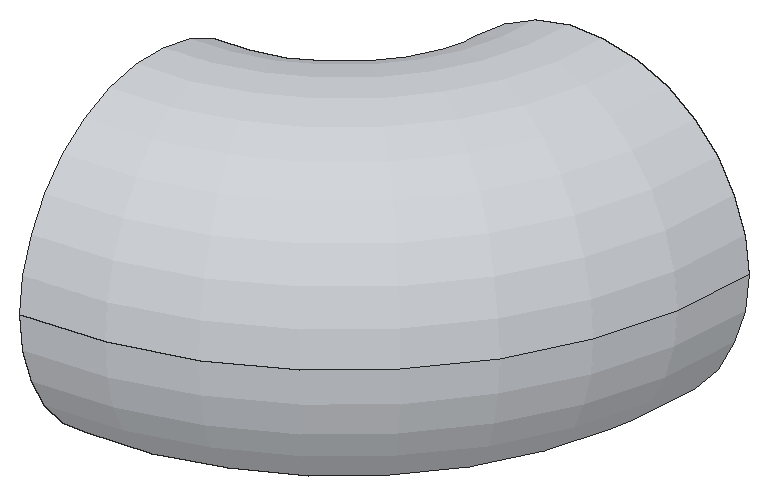
Revit family "b27f6473adb54901bc9df6208715403f", category Raccords de canalisation, Revit 2023
Family settings
  Cote de connecteur circulaire = Utiliser le rayon
  Type d'élément = Coude
  Basée sur le plan de construction = Non
  Toujours verticalement = Oui
  Couper avec des vides une fois chargée = Non
  Partagée = Non
Parameters (values of type "Standard")
  Taille de la coche [instance] = Diamètre extérieur du raccord * 0.4  # 13.36 mm
  Rayon nominal [instance] = 12.5 mm
  Diamètre nominal [instance] = Rayon nominal * 2  # 25 mm
  Méthode de perte de charge = Coefficient K à partir du tableau
  Nom de la table de consultation = "Elbow - Generic"
  Tableau de coefficient K = "Coudes 45, 90 et 180 standard"
  Rayon extérieur du raccord [instance] = Diamètre extérieur du raccord / 2  # 16.7 mm
  Diamètre extérieur du raccord [instance] = size_lookup(Nom de la table de consultation, "FOD", Diamètre nominal + 10.418 mm, Diamètre nominal)  # 33.4 mm
  Elévation par défaut = 0 mm
  Libellé de centre à extrémité [instance] = if(Centre à extrémité > (Rayon extérieur du raccord + 3.2 mm) * tan(Angle / 2), Centre à extrémité, (Rayon extérieur du raccord + 3.2 mm) * tan(Angle / 2))  # 25 mm
  Centre à extrémité [instance] = size_lookup(Nom de la table de consultation, "CtE", 1.02 * Diamètre nominal - 1.488 mm, Diamètre nominal)  # 25 mm
  Rayon du centre [instance] = if(Centre à extrémité / tan(Angle / 2) > Rayon extérieur du raccord + 3.2 mm, Centre à extrémité / tan(Angle / 2), Rayon extérieur du raccord + 3.2 mm)  # 25 mm
  Angle [instance] = 90.00°
Reference planes
  plane 1 "Centre (avant/arrière)": y = 0
  plane 2: z = 0
  plane 3 "Centre (gauche/droite)": x = 0
  plane 4: x = -25
  plane 5: y = 25
  plane 6: y = 13.36
  plane 7: y = -13.36
Forms (mm)
  Sweep 1, solid, detail levels fine
    path in 3D
      loop
        arc (-25, 0, 0) -> (-7.322, 7.322, 0) -> (0, 25, 0) r 25
    profile origin (-7.322, 7.322, 0) x (-0.707107, 0.707107, 0) y (0, 0, 1)
      loop
        circle (0, 0) r 16.7
Lines and regions (mm)
  reference lines
    curve 1: line (-25, 25, 0) -> (19.45, 25, 0)
    curve 2: arc (-25, 0, 0) -> (-7.322, 7.322, 0) -> (0, 25, 0) r 25
    curve 3: line (0, 0, 0) -> (0, 19.05, 0)
    curve 4: line (-13.36, 18.22, 0) -> (-13.36, 22.144, 0)
    curve 5: line (13.36, 15.444, 0) -> (13.36, 35.228, 0)
  model lines, detail levels coarse+medium
    curve 6: line (-13.36, 25, 0) -> (13.36, 25, 0)
    curve 7: arc (-25, 0, 0) -> (-7.322, 7.322, 0) -> (0, 25, 0) r 25
    curve 8: line (-25, 13.36, 0) -> (-25, -13.36, 0)
  sketch lines
    curve 9: arc (-25, 0, 0) -> (-7.322, 7.322, 0) -> (0, 25, 0) r 25
Dimensions and locks
  "Libellé de centre à extrémité": plane 4 to plane 3 "Centre (gauche/droite)"
  "Rayon du centre": plane 5 to plane 1 "Centre (avant/arrière)"
  "Taille de la coche": plane 6 to plane 1 "Centre (avant/arrière)"
  "Taille de la coche": plane 7 to plane 1 "Centre (avant/arrière)"
  "Taille de la coche": curve 3 to curve 4
  "Taille de la coche": curve 5 to curve 3
  "Rayon du centre": radius of curve 2
  "Rayon extérieur du raccord": radius of Sweep 1 sketch curve
  "Angle": angle plane 4 to curve 1
  "Angle": angle curve 2 to curve 2
  "Angle": angle plane 1 "Centre (avant/arrière)" to curve 3
  "Angle": angle curve 7 to curve 7
  aligned and locked: plane 4 to curve 1
  aligned and locked: plane 5 to curve 1
  aligned and locked: plane 5 to curve 2
  aligned and locked: plane 4 to curve 2  (x2)
  aligned and locked: plane 1 "Centre (avant/arrière)" to curve 3
  aligned and locked: plane 3 "Centre (gauche/droite)" to curve 3
  aligned and locked: curve 4 to curve 6
  aligned and locked: curve 5 to curve 6
  aligned and locked: curve 1 to curve 6
  aligned and locked: curve 7 to curve 2
  aligned and locked: plane 6 to curve 8
  aligned and locked: plane 7 to curve 8
  aligned and locked: curve 8 to plane 4
Automatic sketch dimensions
  curve 1 to curve 5 = 9.556 mm
  curve 1 to curve 4 = 6.78 mm
  curve 5 to curve 1 = 10.228 mm
  curve 3 to curve 4 = 3.094 mm
  Sweep 1 sketch curve to profile plane = 0 mm
  profile plane to Sweep 1 sketch curve = 0 mm
Connectors
  piping at (-25, 0, 0), diameter 25, driven by "Rayon nominal", driven by "Angle"
    settings: on Sweep 1, index 1, connector inside diameter 25 mm, connector length 0 mm, flow factor 0, pipe flow 0.0 L/s, pressure drop 0.0 Pa, fitting loss kfactor 0, connector angle 90.00°, fixture units 0, engagement length 0 mm, angle of deflection 0.00°, flow configuration 0, flow direction 0, fitting loss method 0, system type 28, joint type 0, gender type 0, connector reference index 2, connector utility 0, adjustable connector no, is connector primary yes, connector description ""
  piping at (0, 25, 0), diameter 25, driven by "Rayon nominal", driven by "Angle"
    settings: on Sweep 1, index 2, connector inside diameter 25 mm, connector length 0 mm, flow factor 0, pipe flow 0.0 L/s, pressure drop 0.0 Pa, fitting loss kfactor 0, connector angle 90.00°, fixture units 0, engagement length 0 mm, angle of deflection 0.00°, flow configuration 0, flow direction 0, fitting loss method 0, system type 28, joint type 0, gender type 0, connector reference index 1, connector utility 0, adjustable connector no, is connector primary no, connector description ""
